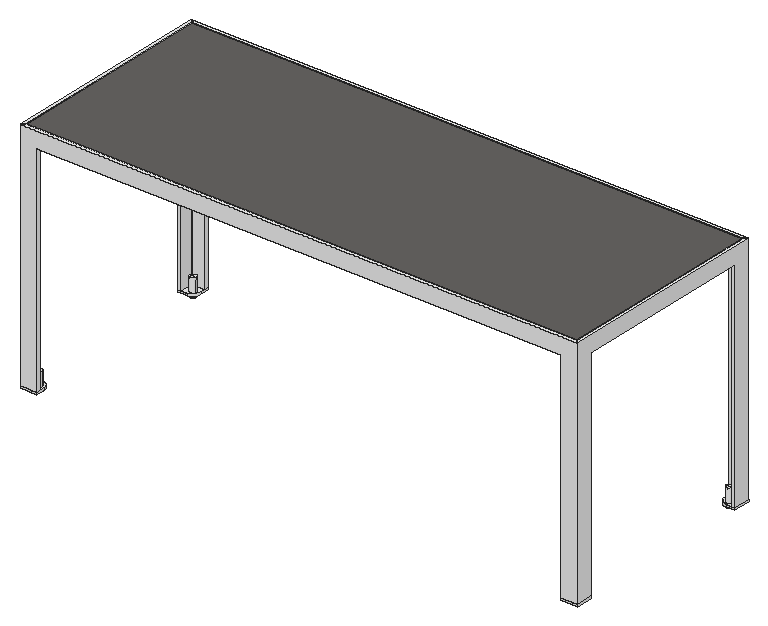
Revit family "Table-Multi_Use-Teknion-PRBC-R2014", category Furniture, Revit 2014
Parameters (values of type "(See Type Catalog)")
  Width = 67 77/256"
  Warranty = "http://www.teknionstudio.com/pdfs/Teknion%20Studio%20Warranty.pdf"
  Unit Weight = 0.00 lbf
  URL = "www.teknionstudio.com"
  Table Top Finish = Veneer - Teknion - P7 - Grey Oak
  Series = "B&B Italia"
  Product Page URL = "http://www.teknionstudio.com/progetto1/"
  Product Line = "Progetto"
  Product Documentation Link = "http://www.teknion.com/pricing/studio/pdfs/PRBC_ppg.pdf"
  Part Number = "PRBC"
  Model = ""
  Manufacturer Phone = "919-464-2920"
  Manufacturer Fax = "919-464-2927"
  Manufacturer Email = "customersupport@teknionstudio.com"
  Manufacturer Address = "3940 US 70 Business HWY West, Clayton, NC 27520"
  Manufacturer = "StudioTK"  # constant formula
  Low Emitting Material = yes
  Low Emitting Finish = yes
  Interior Frame Finish = none
  Height = 28 119/128"
  Foot Offset = if(Adjustable Foot, 5/8", 1/4")  # 5/8"
  Fixed Foot = not(Adjustable Foot)  # no
  Exterior Frame Finish = Metal - Teknion - C6 - Chrome
  Description = ""
  Depth = 25 197/256"
  Assembly Code = "E2020200"
  Adjustable Foot = yes
Reference planes (in)
  plane 1 "Center F/B": y = 0
  plane 2: z = 0
  plane 3 "Center L/R": x = 0
  plane 4 "Left": x = -33.65039
  plane 5 "Right": x = 33.65039
  plane 6 "Back": y = 12.88477
  plane 7 "Front": y = -12.88477
  plane 8 "Top": z = 28.92969
  plane 9: z = 0.625
  plane 10 "Revolve Front": y = -11.61319
  plane 11 "Revolve Back": y = 11.61319
  plane 12: z = 28.52344
Forms (in)
  Sweep 1, solid, material "Veneer - Teknion - P7 - Grey Oak" <- "Table Top Finish"
    path origin (0, 0, 28.92969) x (-1, 0, 0) y (0, -1, 0)
      loop
        line (33.24898, 0) -> (-33.24898, 0)
    profile origin (0, 0, 28.92969) x (0, 1, 0) y (0, 0, 1)
      loop
        line (12.48335, 0) -> (-12.48335, 0) -> (-12.48335, -0.40625) -> (12.48335, -0.40625) -> (12.48335, 0)
  Sweep 2, solid, material "Metal - Teknion - C6 - Chrome" <- "Exterior Frame Finish"
    path origin (0, 0, 0) x (1, 0, 0) y (0, 0, 1)
      loop
        line (0, 28.92969) -> (0, 0.625)
    profile origin (0, 0, 14.77734) x (0, -1, 0) y (1, 0, 0)
      loop
        line (-10.8641, -33.24898) -> (-12.38506, -33.24898) -> (-12.78648, -33.65039) -> (-10.8641, -33.65039) -> (-10.8641, -33.24898)
      loop
        line (-12.48335, -33.15069) -> (-12.48335, -31.62972) -> (-12.88477, -31.62972) -> (-12.88477, -33.5521) -> (-12.48335, -33.15069)
      loop
        line (-10.8641, 33.24898) -> (-10.8641, 33.65039) -> (-12.78648, 33.65039) -> (-12.38506, 33.24898) -> (-10.8641, 33.24898)
      loop
        line (-12.48335, 33.15069) -> (-12.88477, 33.5521) -> (-12.88477, 31.62972) -> (-12.48335, 31.62972) -> (-12.48335, 33.15069)
      loop
        line (10.8641, 33.24898) -> (12.38506, 33.24898) -> (12.78648, 33.65039) -> (10.8641, 33.65039) -> (10.8641, 33.24898)
      loop
        line (12.48335, 33.15069) -> (12.48335, 31.62972) -> (12.88477, 31.62972) -> (12.88477, 33.5521) -> (12.48335, 33.15069)
      loop
        line (10.8641, -33.24898) -> (10.8641, -33.65039) -> (12.78648, -33.65039) -> (12.38506, -33.24898) -> (10.8641, -33.24898)
      loop
        line (12.48335, -33.15069) -> (12.88477, -33.5521) -> (12.88477, -31.62972) -> (12.48335, -31.62972) -> (12.48335, -33.15069)
  Sweep 3, solid, material "Metal - Teknion - C6 - Chrome" <- "Exterior Frame Finish"
    path origin (0, 0, 28.92969) x (-1, 0, 0) y (0, -1, 0)
      loop
        line (0, 10.8641) -> (0, -10.8641)
    profile origin (0, 0, 28.92969) x (-1, 0, 0) y (0, 0, 1)
      loop
        line (33.65039, 0) -> (33.24898, 0) -> (33.24898, -1.9685) -> (33.65039, -1.9685) -> (33.65039, 0)
      loop
        line (-33.65039, 0) -> (-33.65039, -1.9685) -> (-33.24898, -1.9685) -> (-33.24898, 0) -> (-33.65039, 0)
  Sweep 4, solid, material "Metal - Teknion - C6 - Chrome" <- "Exterior Frame Finish", visible <- "Adjustable Foot"
    path origin (0, 0, 0) x (1, 0, 0) y (0, 0, 1)
      loop
        line (0, 0.376) -> (0, 0.625)
    profile origin (0, 0, 0.5005) x (-1, 0, 0) y (0, -1, 0)
      loop
        line (33.65039, -12.88477) -> (33.65039, -10.8641) -> (32.62972, -10.8641)
        arc (32.62972, -10.8641) -> (31.92261, -11.15699) -> (31.62972, -11.8641) r 1
        line (31.62972, -11.8641) -> (31.62972, -12.88477) -> (33.65039, -12.88477)
      loop
        line (-33.65039, -12.88477) -> (-31.62972, -12.88477) -> (-31.62972, -11.8641)
        arc (-31.62972, -11.8641) -> (-31.92261, -11.15699) -> (-32.62972, -10.8641) r 1
        line (-32.62972, -10.8641) -> (-33.65039, -10.8641) -> (-33.65039, -12.88477)
      loop
        line (-33.65039, 12.88477) -> (-33.65039, 10.8641) -> (-32.62972, 10.8641)
        arc (-32.62972, 10.8641) -> (-31.92261, 11.15699) -> (-31.62972, 11.8641) r 1
        line (-31.62972, 11.8641) -> (-31.62972, 12.88477) -> (-33.65039, 12.88477)
      loop
        line (33.65039, 12.88477) -> (31.62972, 12.88477) -> (31.62972, 11.8641)
        arc (31.62972, 11.8641) -> (31.92261, 11.15699) -> (32.62972, 10.8641) r 1
        line (32.62972, 10.8641) -> (33.65039, 10.8641) -> (33.65039, 12.88477)
  Revolve 5, solid, material "Metal - Teknion - C6 - Chrome" <- "Exterior Frame Finish", visible <- "Adjustable Foot"
    sketch origin (0, -11.61319, 0) x (1, 0, 0) y (0, 0, 1)
      loop
        line (-32.00472, 2.17054) -> (-32.37972, 2.17054) -> (-32.37972, 0) -> (-32.06722, 0) -> (-32.06722, 0.126) -> (-32.00472, 0.126) -> (-32.00472, 2.17054)
      axis (-32.37972, 0) -> (-32.37972, 2.17054)
    angle from 0 to 360
  Sweep 6, solid, material "Metal - Teknion - C6 - Chrome" <- "Exterior Frame Finish", visible <- "Adjustable Foot"
    path origin (0, -11.61319, 0) x (1, 0, 0) y (0, 0, 1)
      loop
        line (0, 0.376) -> (0, 0.625)
    profile origin (0, -11.61319, 0.5005) x (-1, 0, 0) y (0, -1, 0)
      loop
        line (31.62972, -24.09654) -> (31.62972, -24.49795) -> (33.65039, -24.49795) -> (33.65039, -22.47729) -> (33.24898, -22.47729) -> (33.24898, -24.09654) -> (31.62972, -24.09654)
      loop
        line (-31.62972, -24.49795) -> (-31.62972, -24.09654) -> (-33.24898, -24.09654) -> (-33.24898, -22.47729) -> (-33.65039, -22.47729) -> (-33.65039, -24.49795) -> (-31.62972, -24.49795)
      loop
        line (-33.65039, -0.74909) -> (-33.24898, -0.74909) -> (-33.24898, 0.87016) -> (-31.62972, 0.87016) -> (-31.62972, 1.27158) -> (-33.65039, 1.27158) -> (-33.65039, -0.74909)
      loop
        line (31.62972, 1.27158) -> (31.62972, 0.87016) -> (33.24898, 0.87016) -> (33.24898, -0.74909) -> (33.65039, -0.74909) -> (33.65039, 1.27158) -> (31.62972, 1.27158)
  Sweep 7, solid, material "Metal - Teknion - C6 - Chrome" <- "Exterior Frame Finish"
    path origin (0, 0, 28.92969) x (0, 1, 0) y (-1, 0, 0)
      loop
        line (0, 31.62972) -> (0, -31.62972)
    profile origin (0, 0, 28.92969) x (0, 1, 0) y (0, 0, 1)
      loop
        line (12.88477, 0) -> (12.48335, 0) -> (12.48335, -1.9685) -> (12.88477, -1.9685) -> (12.88477, 0)
      loop
        line (-12.88477, 0) -> (-12.88477, -1.9685) -> (-12.48335, -1.9685) -> (-12.48335, 0) -> (-12.88477, 0)
  Revolve 8, solid, material "Metal - Teknion - C6 - Chrome" <- "Exterior Frame Finish", visible <- "Adjustable Foot"
    sketch origin (0, -11.61319, 0) x (-1, 0, 0) y (0, 0, 1)
      loop
        line (-32.00472, 2.17054) -> (-32.37972, 2.17054) -> (-32.37972, 0) -> (-32.06722, 0) -> (-32.06722, 0.125) -> (-32.00472, 0.125) -> (-32.00472, 2.17054)
      axis (-32.37972, 0) -> (-32.37972, 2.17054)
    angle from 0 to 360
  Revolve 9, solid, material "Metal - Teknion - C6 - Chrome" <- "Exterior Frame Finish", visible <- "Adjustable Foot"
    sketch origin (0, 11.61319, 0) x (1, 0, 0) y (0, 0, 1)
      loop
        line (-32.00472, 2.17054) -> (-32.37972, 2.17054) -> (-32.37972, 0) -> (-32.06722, 0) -> (-32.06722, 0.126) -> (-32.00472, 0.126) -> (-32.00472, 2.17054)
      axis (-32.37972, 0) -> (-32.37972, 2.17054)
    angle from 0 to 360
  Revolve 10, solid, material "Metal - Teknion - C6 - Chrome" <- "Exterior Frame Finish", visible <- "Adjustable Foot"
    sketch origin (0, 11.61319, 0) x (1, 0, 0) y (0, 0, 1)
      loop
        line (32.00472, 2.17054) -> (32.00472, 0.126) -> (32.06722, 0.126) -> (32.06722, 0) -> (32.37972, 0) -> (32.37972, 2.17054) -> (32.00472, 2.17054)
      axis (32.37972, 0) -> (32.37972, 2.17054)
    angle from 0 to 360
  Sweep 11, solid, material <- "Interior Frame Finish"
    path origin (0, -11.61319, 0) x (1, 0, 0) y (0, 0, 1)
      loop
        line (0, 28.52344) -> (0, 26.96118)
    profile origin (0, -11.61319, 27.74231) x (0, -1, 0) y (1, 0, 0)
      loop
        line (-24.09654, -33.24898) -> (0.87016, -33.24898) -> (0.87016, 33.24898) -> (-24.09654, 33.24898) -> (-24.09654, -33.24898)
      loop
        line (0.46875, -32.84756) -> (0.46875, -0.20071) -> (-23.69512, -0.20071) -> (-23.69512, -32.84756) -> (0.46875, -32.84756)
      loop
        line (-23.69512, 32.84756) -> (-23.69512, 0.20071) -> (0.46875, 0.20071) -> (0.46875, 32.84756) -> (-23.69512, 32.84756)
  Sweep 12, solid, material "Metal - Teknion - C6 - Chrome" <- "Exterior Frame Finish", visible <- "Fixed Foot"
    path origin (0, 0, 0) x (1, 0, 0) y (0, 0, 1)
      loop
        line (0, 0.375) -> (0, 0.625)
    profile origin (0, 0, 0.5) x (-1, 0, 0) y (0, -1, 0)
      loop
        line (31.62972, -12.48335) -> (31.62972, -12.88477) -> (33.65039, -12.88477) -> (33.65039, -10.8641) -> (33.24898, -10.8641) -> (33.24898, -12.48335) -> (31.62972, -12.48335)
      loop
        line (31.62972, 12.88477) -> (31.62972, 12.48335) -> (33.24898, 12.48335) -> (33.24898, 10.8641) -> (33.65039, 10.8641) -> (33.65039, 12.88477) -> (31.62972, 12.88477)
      loop
        line (-31.62972, -12.48335) -> (-33.24898, -12.48335) -> (-33.24898, -10.8641) -> (-33.65039, -10.8641) -> (-33.65039, -12.88477) -> (-31.62972, -12.88477) -> (-31.62972, -12.48335)
      loop
        line (-31.62972, 12.88477) -> (-33.65039, 12.88477) -> (-33.65039, 10.8641) -> (-33.24898, 10.8641) -> (-33.24898, 12.48335) -> (-31.62972, 12.48335) -> (-31.62972, 12.88477)
Cuts and joins
  joined: Sweep 4, Revolve 5, Sweep 6, Revolve 9, Revolve 10
  joined: Sweep 2, Sweep 3, Sweep 7
Lines and regions (in)
  Masking region 1
    outline origin (0, 0, 28.92969) x (-1, 0, 0) y (0, -1, 0)
      loop
        line (33.65039, -12.88477) -> (33.65039, 12.88477) -> (-33.65039, 12.88477) -> (-33.65039, -12.88477) -> (33.65039, -12.88477)
  symbolic lines, style "Furniture", detail levels medium+fine
    curve 1: line (33.24898, 12.48335, 28.92969) -> (-33.24898, 12.48335, 28.92969)
    curve 2: line (-33.24898, 12.48335, 28.92969) -> (-33.24898, -12.48335, 28.92969)
    curve 3: line (-33.24898, -12.48335, 28.92969) -> (33.24898, -12.48335, 28.92969)
    curve 4: line (33.24898, -12.48335, 28.92969) -> (33.24898, 12.48335, 28.92969)
  symbolic lines, style "FurnitureHiddenLines", detail levels fine
    curve 5: line (-32.84756, 12.08193, 28.92969) -> (-0.20071, 12.08193, 28.92969)
    curve 6: line (-0.20071, 12.08193, 28.92969) -> (-0.20071, -12.08193, 28.92969)
    curve 7: line (-0.20071, -12.08193, 28.92969) -> (-32.84756, -12.08193, 28.92969)
    curve 8: line (-32.84756, -12.08193, 28.92969) -> (-32.84756, 12.08193, 28.92969)
    curve 9: line (0.20071, 12.08193, 28.92969) -> (32.84756, 12.08193, 28.92969)
    curve 10: line (32.84756, 12.08193, 28.92969) -> (32.84756, -12.08193, 28.92969)
    curve 11: line (32.84756, -12.08193, 28.92969) -> (0.20071, -12.08193, 28.92969)
    curve 12: line (0.20071, -12.08193, 28.92969) -> (0.20071, 12.08193, 28.92969)
Dimensions and locks (in)
  equal spacing: plane 4 "Left", plane 3 "Center L/R", plane 5 "Right"
  equal spacing: plane 6 "Back", plane 1 "Center F/B", plane 7 "Front"
  locked: Sweep 1 sketch curve to plane 5 "Right" at 0.40142
  locked: plane 4 "Left" to Sweep 1 sketch curve at 0.40142
  locked: plane 6 "Back" to Sweep 1 sketch curve at 0.40142
  locked: Sweep 1 sketch curve to plane 7 "Front" at 0.40142
  locked: plane 4 "Left" to Sweep 2 sketch curve at 2.02067  (x2)
  locked: Sweep 2 sketch curve to plane 7 "Front" at 2.02067
  locked: plane 4 "Left" to Sweep 2 sketch curve at 0.40142  (x2)
  locked: plane 7 "Front" to Sweep 2 sketch curve at 0.40142
  locked: Sweep 2 sketch curve to plane 7 "Front" at 0.40142
  locked: Sweep 2 sketch curve to plane 5 "Right" at 0.40142  (x2)
  locked: plane 7 "Front" to Sweep 2 sketch curve at 2.02067
  locked: Sweep 2 sketch curve to plane 5 "Right" at 2.02067  (x2)
  locked: plane 9 to Sweep 4 sketch curve at 0.249
  "Width": plane 4 "Left" to plane 5 "Right"
  "Depth": plane 6 "Back" to plane 7 "Front"
  locked: plane 4 "Left" to Sweep 4 sketch curve at 1.02067  (x2)
  locked: plane 6 "Back" to Sweep 4 sketch curve at 1.02067  (x2)
  locked: Sweep 4 sketch curve to plane 5 "Right" at 1.02067  (x2)
  locked: plane 7 "Front" to Sweep 4 sketch curve at 1.02067  (x2)
  locked: Revolve 5 sketch curve to Revolve 5 sketch curve at 0.375
  locked: Revolve 5 sketch curve to Revolve 5 sketch curve at 0.3125
  locked: plane 6 "Back" to Sweep 2 sketch curve at 2.02067
  locked: Sweep 2 sketch curve to plane 6 "Back" at 0.40142
  locked: plane 6 "Back" to Sweep 2 sketch curve at 0.40142
  locked: Sweep 2 sketch curve to plane 6 "Back" at 2.02067
  locked: Revolve 5 sketch curve to plane 4 "Left" at 1.27067
  locked: Revolve 5 sketch curve to plane 2 at 2.17054
  locked: plane 7 "Front" to plane 10 "Revolve Front" at 1.27158
  locked: plane 6 "Back" to plane 11 "Revolve Back" at 1.27158
  locked: plane 9 to Sweep 6 sketch curve at 0.249
  "Foot Offset": plane 9 to plane 2
  locked: plane 4 "Left" to Sweep 3 sketch curve at 0.40142
  locked: plane 8 "Top" to Sweep 3 sketch curve at 1.9685  (x2)
  locked: Sweep 3 sketch curve to plane 5 "Right" at 0.40142
  locked: plane 6 "Back" to Sweep 7 sketch curve at 0.40142
  locked: plane 8 "Top" to Sweep 7 sketch curve at 1.9685
  locked: Sweep 7 sketch curve to plane 7 "Front" at 0.40142
  locked: Sweep 7 sketch curve to plane 8 "Top" at 1.9685
  locked: plane 7 "Front" to Sweep 3 sketch curve at 2.02067
  locked: plane 6 "Back" to Sweep 3 sketch curve at 2.02067
  locked: plane 4 "Left" to Sweep 7 sketch curve at 2.02067
  locked: Sweep 7 sketch curve to plane 5 "Right" at 2.02067
  locked: Revolve 8 sketch curve to Revolve 8 sketch curve at 0.375
  locked: Revolve 8 sketch curve to Revolve 8 sketch curve at 0.3125
  locked: plane 5 "Right" to Revolve 8 sketch curve at 1.27067
  locked: Revolve 8 sketch curve to plane 2 at 2.17054
  locked: Revolve 9 sketch curve to Revolve 9 sketch curve at 0.375
  locked: Revolve 9 sketch curve to Revolve 9 sketch curve at 0.3125
  locked: Revolve 10 sketch curve to Revolve 10 sketch curve at 0.375
  locked: Revolve 10 sketch curve to Revolve 10 sketch curve at 0.3125
  locked: Revolve 9 sketch curve to plane 4 "Left" at 1.27067
  locked: Revolve 9 sketch curve to plane 2 at 2.17054
  locked: plane 5 "Right" to Revolve 10 sketch curve at 1.27067
  locked: Revolve 10 sketch curve to plane 2 at 2.17054
  "Height": plane 8 "Top" to plane 2
  locked: plane 8 "Top" to plane 12 at 0.40625
  locked: plane 12 to Sweep 11 sketch curve at 1.56225
  Sweep 11 sketch curve to plane 3 "Center L/R" to Sweep 11 sketch curve = 0.20071" locked, 0.20071" locked
  plane 4 "Left" to Sweep 11 sketch curve to Sweep 11 sketch curve = 0.40142" locked, 0.40142" locked
  Sweep 11 sketch curve to Sweep 11 sketch curve to plane 7 "Front" = 0.40142" locked, 0.40142" locked
  Sweep 11 sketch curve to Sweep 11 sketch curve to plane 5 "Right" = 0.40142" locked, 0.40142" locked
  Sweep 11 sketch curve to Sweep 11 sketch curve to plane 6 "Back" = 0.40142" locked, 0.40142" locked
  locked: Sweep 2 sketch curve to Sweep 2 sketch curve at 0.139  (x4)
  locked: Revolve 5 sketch curve to plane 2 at 0.126
  locked: Revolve 9 sketch curve to plane 2 at 0.126
  locked: Revolve 8 sketch curve to plane 2 at 0.125
  locked: Revolve 10 sketch curve to plane 2 at 0.126
  locked: plane 4 "Left" to Sweep 12 sketch curve at 0.40142  (x2)
  locked: Sweep 12 sketch curve to plane 7 "Front" at 0.40142
  locked: plane 4 "Left" to Sweep 12 sketch curve at 2.02067  (x2)
  locked: Sweep 12 sketch curve to plane 7 "Front" at 2.02067
  locked: Sweep 12 sketch curve to plane 6 "Back" at 0.40142
  locked: Sweep 12 sketch curve to plane 6 "Back" at 2.02067
  locked: Sweep 12 sketch curve to plane 5 "Right" at 2.02067  (x2)
  locked: Sweep 12 sketch curve to plane 5 "Right" at 0.40142  (x2)
  locked: plane 6 "Back" to Sweep 12 sketch curve at 0.40142
  locked: plane 6 "Back" to Sweep 12 sketch curve at 2.02067
  locked: plane 7 "Front" to Sweep 12 sketch curve at 2.02067
  locked: plane 7 "Front" to Sweep 12 sketch curve at 0.40142
  locked: plane 9 to Sweep 12 sketch curve at 0.25
  aligned and locked: level to plane 2
  aligned and locked: plane 1 "Center F/B" to Sweep 1 sketch curve
  aligned and locked: Sweep 1 sketch curve to plane 8 "Top"
  aligned and locked: plane 8 "Top" to Sweep 2 sketch curve
  aligned and locked: plane 9 to Sweep 2 sketch curve
  aligned and locked: Sweep 2 sketch curve to plane 3 "Center L/R"
  aligned and locked: plane 4 "Left" to Sweep 2 sketch curve  (x2)
  aligned and locked: Sweep 2 sketch curve to plane 6 "Back"
  aligned and locked: plane 6 "Back" to Sweep 2 sketch curve
  aligned and locked: Sweep 2 sketch curve to plane 5 "Right"
  aligned and locked: Sweep 2 sketch curve to plane 7 "Front"
  aligned and locked: plane 5 "Right" to Sweep 2 sketch curve
  aligned and locked: plane 7 "Front" to Sweep 2 sketch curve
  aligned and locked: plane 3 "Center L/R" to Sweep 4 sketch curve
  aligned and locked: plane 9 to Sweep 4 sketch curve
  aligned and locked: Sweep 4 sketch curve to plane 4 "Left"
  aligned and locked: Sweep 4 sketch curve to plane 6 "Back"
  aligned and locked: plane 7 "Front" to Sweep 4 sketch curve
  aligned and locked: plane 4 "Left" to Sweep 4 sketch curve
  aligned and locked: plane 5 "Right" to Sweep 4 sketch curve
  aligned and locked: Sweep 4 sketch curve to plane 7 "Front"
  aligned and locked: Sweep 4 sketch curve to plane 5 "Right"
  aligned and locked: plane 6 "Back" to Sweep 4 sketch curve
  aligned and locked: Revolve 5 sketch curve to Revolve 5 sketch curve
  aligned and locked: plane 3 "Center L/R" to Sweep 6 sketch curve
  aligned and locked: plane 9 to Sweep 6 sketch curve
  aligned and locked: Sweep 6 sketch curve to Sweep 2  (x24)
  aligned and locked: plane 3 "Center L/R" to Sweep 3 sketch curve
  aligned and locked: plane 4 "Left" to Sweep 3 sketch curve
  aligned and locked: Sweep 3 sketch curve to plane 8 "Top"
  aligned and locked: plane 5 "Right" to Sweep 3 sketch curve
  aligned and locked: plane 8 "Top" to Sweep 3 sketch curve
  aligned and locked: plane 1 "Center F/B" to Sweep 7 sketch curve
  aligned and locked: Sweep 7 sketch curve to plane 8 "Top"
  aligned and locked: Sweep 7 sketch curve to plane 6 "Back"
  aligned and locked: plane 7 "Front" to Sweep 7 sketch curve
  aligned and locked: plane 8 "Top" to Sweep 7 sketch curve
  aligned and locked: Revolve 8 sketch curve to Revolve 8 sketch curve
  aligned and locked: plane 2 to Revolve 8 sketch curve
  aligned and locked: Revolve 9 sketch curve to Revolve 9 sketch curve
  aligned and locked: Revolve 10 sketch curve to Revolve 10 sketch curve
  aligned and locked: plane 2 to Revolve 10 sketch curve
  aligned and locked: Sweep 1 sketch curve to plane 12
  aligned and locked: plane 12 to Sweep 11 sketch curve
  aligned and locked: Sweep 11 sketch curve to plane 3 "Center L/R"
  aligned and locked: Masking region 1 sketch curve to plane 6 "Back"
  aligned and locked: Masking region 1 sketch curve to plane 7 "Front"
  aligned and locked: Masking region 1 sketch curve to plane 5 "Right"
  aligned and locked: plane 4 "Left" to Masking region 1 sketch curve
  aligned and locked: curve 1 to Sweep 1
  aligned and locked: curve 2 to Sweep 1
  aligned and locked: curve 3 to Sweep 1
  aligned and locked: curve 4 to Sweep 1
  aligned and locked: curve 5 to Sweep 11
  aligned and locked: curve 6 to Sweep 11
  aligned and locked: curve 7 to Sweep 11
  aligned and locked: curve 8 to Sweep 11
  aligned and locked: curve 9 to Sweep 11
  aligned and locked: curve 10 to Sweep 11
  aligned and locked: curve 11 to Sweep 11
  aligned and locked: curve 12 to Sweep 11
  aligned and locked: plane 3 "Center L/R" to Sweep 12 sketch curve
  aligned and locked: Sweep 12 sketch curve to plane 4 "Left"  (x2)
  aligned and locked: plane 7 "Front" to Sweep 12 sketch curve
  aligned and locked: plane 6 "Back" to Sweep 12 sketch curve
  aligned and locked: Sweep 12 sketch curve to plane 7 "Front"
  aligned and locked: Sweep 12 sketch curve to plane 5 "Right"  (x2)
  aligned and locked: Sweep 12 sketch curve to plane 6 "Back"
  aligned and locked: plane 9 to Sweep 12 sketch curve
Automatic sketch dimensions
  Sweep 4 sketch curve to Sweep 4 sketch curve = 1"  (x4)
  Revolve 5 sketch curve to level = 0"
  Revolve 5 sketch curve to Revolve 5 sketch curve = 0.28131"
  Revolve 5 sketch curve to Revolve 5 sketch curve = 0.04815"
  Revolve 9 sketch curve to level = 0"
  Revolve 9 sketch curve to Revolve 9 sketch curve = 0.28131"
  Revolve 9 sketch curve to Revolve 9 sketch curve = 0.04815"
  Revolve 10 sketch curve to Revolve 10 sketch curve = 0.28131"
  Revolve 10 sketch curve to Revolve 10 sketch curve = 0.04815"
  Sweep 11 sketch curve to Sweep 11 sketch curve = 0"  (x2)
  Sweep 2 sketch curve to Sweep 2 sketch curve = 0.09829"  (x8)
  level to Revolve 8 sketch curve = 0.28131"
  Revolve 8 sketch curve to Revolve 8 sketch curve = 0.04815"
